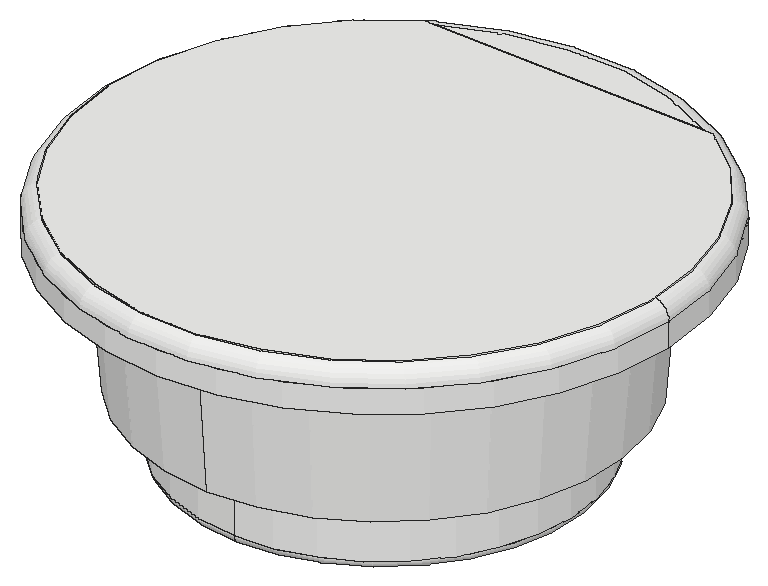
Revit family "Electronics_Commercial-Loudspeakers_Two-Way-Marine-Speaker_CMAR8T-W", category Communication Devices, host Face, Revit 2020
Family settings
  Host = Face
  Maintain Annotation Orientation = No
  Round Connector Dimension = Use Diameter
  Part Type = Normal
  OmniClass Number = 23.85.10.11.14.14.14
  OmniClass Title = Loudspeakers
  Cut with Voids When Loaded = No
  Shared = No
  Room Calculation Point = No
Parameters (values of type "CMAR8T-W")
  Grill Material = Biamp - Plastic - White(Grid)
  Frequency response in Hz = "55 - 20K"  # constant formula
  Woofer size in inch = "8"  # constant formula
  Vertical dispersion angle 1000 Hz = "180°"  # constant formula
  Tweeter size in inch = "1"  # constant formula
  SPL 1W/1m in dB = "88"  # constant formula
  Max SPL 1m in dB = "107"  # constant formula
  Woofer cone material = "Polypropylene"  # constant formula
  Weight = 3.30693 lbf  # constant formula
  URL = "https://www.biamp.com/"
  Product data url = "https://bimobject.com/biamp/product/cmar8t-w_commercial-loudspeakers-ceiling"
  Product Page URL = "https://www.biamp.com/products/product-families/commercial-loudspeakers/ceiling-loudspeakers#cmar8t-w"
  Product Documentation Link = "https://downloads.biamp.com/assets/docs/default-source/data-sheets/biamp_data_sheet_cmar8t-w_aug20.pdf"
  Mounting system = "4 screws"  # constant formula
  Model = "CMAR8T-W"  # constant formula
  Manufacturer = "Biamp"  # constant formula
  Main construction material = "ABS plastic"  # constant formula
  Low impedance dynamic power in watts = "100"  # constant formula
  Low impedance RMS power in watts = "50"  # constant formula
  Loudspeaker system = "2-way"  # constant formula
  Installation grip range in mm = "1 - up"  # constant formula
  Impedance in ohms = "8"  # constant formula
  IP rating = "65"  # constant formula
  Housing Material = Biamp - Plastic - White
  Grille main material = "Stainless steel"  # constant formula
  Diameter = 0' - 8.70079"  # constant formula
  Description = "CMAR8T-W 8 Two-Way Built-in Marine Speaker 8 ohms/100W; 100V/20W"  # constant formula
  Depth = 0' - 2.99213"  # constant formula
  Default Elevation = 4' - 0"
  Cutout in mm = "151"  # constant formula
  Connector Description = "Terminal strip; Low impedance 8 ohms/100W, 100V operation"  # constant formula
  Colour = "White"  # constant formula
  Closest RAL colour (subject to deviations) = "RAL9003"  # constant formula
  Applicable low impedance = "Yes"  # constant formula
  Applicable in 100V = "Yes"  # constant formula
  100V transformer power taps in watts = "20 - 10 - 5 - 2.5"  # constant formula
Reference planes (in)
  plane 1 "Center (Front/Back)": y = 0
  plane 2: z = 0
  plane 3 "Center (Left/Right)": x = 0
Forms (in)
  Extrusion 1, solid, material "Biamp - Plastic - White" <- "Housing Material", detail levels coarse
    sketch origin (0, 0, 0) x (1, 0, 0) y (0, 1, 0)
      loop
        circle (0, 0) r 3.54331
    from -2.95276 to 0
  Extrusion 2, void
    sketch origin (0, 0, 0) x (1, 0, 0) y (0, 1, 0)
      loop
        circle (0, 0) r 3.54331
    from -2.95276 to 0
  Revolve 3, solid, material "Biamp - Plastic - White" <- "Housing Material", detail levels coarse
    sketch origin (0, 0, 0) x (1, 0, 0) y (0, 0, 1)
      loop
        line (0, 0) -> (0, 0.62992) -> (-4.05235, 0.62992)
        arc (-4.05235, 0.62992) -> (-4.25146, 0.54745) -> (-4.33393, 0.34834) r 0.28159
        line (-4.33393, 0.34834) -> (-4.33393, 0) -> (0, 0)
      axis (0, 0) -> (0, 0.62992)
    angle from 0 to 360
  Revolve 4, solid, material "Biamp - Plastic - White" <- "Housing Material", detail levels medium+fine
    sketch origin (0, 0, 0) x (1, 0, 0) y (0, 0, 1)
      loop
        line (0, 0) -> (0, 0.62992) -> (-4.04912, 0.62992)
        arc (-4.04912, 0.62992) -> (-4.24823, 0.54745) -> (-4.33071, 0.34834) r 0.28159
        line (-4.33071, 0.34834) -> (-4.33071, 0) -> (0, 0)
      axis (0, 0) -> (0, 0.62992)
    angle from 0 to 360
  Extrusion 5, void
    sketch origin (0, 0, 0) x (1, 0, 0) y (0, 1, 0)
      loop
        arc (-2.19437, 3.50716) -> (0, -4.13708) -> (2.19437, 3.50716) r 4.13708
        line (2.19437, 3.50716) -> (-2.19437, 3.50716)
    from 0.56493 to 0.62992
  Extrusion 6, solid, material "Biamp - Plastic - White(Grid)" <- "Grill Material", detail levels medium+fine
    sketch origin (0, 0, 0) x (1, 0, 0) y (0, 1, 0)
      loop
        line (2.19437, 3.50716) -> (-2.19437, 3.50716)
        arc (-2.19437, 3.50716) -> (0, -4.13708) -> (2.19437, 3.50716) r 4.13708
    from 0.56493 to 0.62992
  Revolve 7, solid, material "Biamp - Plastic - White" <- "Housing Material", detail levels medium+fine
    sketch origin (0, 0, 0) x (0, 1, 0) y (0, 0, 1)
      loop
        line (0, 0) -> (-3.54331, 0) -> (-3.36803, -2.00338) -> (-2.84982, -2.00338) -> (-2.84982, -2.83847)
        arc (-2.84982, -2.83847) -> (-2.81634, -2.91928) -> (-2.73553, -2.95276) r 0.11428
        line (-2.73553, -2.95276) -> (0, -2.95276) -> (0, 0)
      axis (0, 0) -> (0, -2.95276)
    angle from 0 to 360
  Extrusion 8, void
    sketch origin (0, 0.24606, 0) x (1, 0, 0) y (0, 1, 0)
      loop
        circle (0, -0.93002) r 0.59055
    from -2.98124 to -2.93494
Cuts and joins
  Extrusion 5, Extrusion 8 cuts Extrusion 1
  Extrusion 5, Extrusion 8 cuts Revolve 4
  Extrusion 8 cuts Revolve 3
  Extrusion 8 cuts Extrusion 6
  Extrusion 8 cuts Revolve 7
Lines and regions (in)
  Masking region 1
    outline origin (0, 0, 0) x (1, 0, 0) y (0, 0, 1)
      loop
        line (-3.53888, 0) -> (-3.53888, -2.95276) -> (3.54773, -2.95276) -> (3.54773, 0) -> (-3.53888, 0)
  Masking region 2
    outline origin (0, 0, 0) x (1, 0, 0) y (0, 0, 1)
      loop
        line (-4.33393, 0) -> (4.33326, 0) -> (4.33326, 0.35011)
        arc (4.33326, 0.35011) -> (4.2513, 0.54797) -> (4.05344, 0.62992) r 0.27982
        line (4.05344, 0.62992) -> (-4.05412, 0.62992)
        arc (-4.05412, 0.62992) -> (-4.25198, 0.54797) -> (-4.33393, 0.35011) r 0.27982
        line (-4.33393, 0.35011) -> (-4.33393, 0)
  Masking region 3
    outline origin (0, 0, 0) x (1, 0, 0) y (0, 1, 0)
      loop
        circle (0, 0) r 4.33393
  Masking region 4
    outline origin (0, 0, 0) x (1, 0, 0) y (0, 1, 0)
      loop
        arc (-2.18829, 3.50716) -> (0, -4.13386) -> (2.18829, 3.50716) r 4.13386
        line (2.18829, 3.50716) -> (-2.18829, 3.50716)
Dimensions and locks (in)
  aligned and locked: plane 2 to host face
  aligned and locked: level to host face
Connectors (in)
  electrical at (0, -0.68396, -2.93494), driven by "Connector Description"
    settings: on cut or joined group of Extrusion 1, Extrusion 5, Extrusion 8, index 1, voltage 0 V, apparent load 0 VA, apparent load phase1 0 VA, apparent load phase2 0 VA, apparent load phase3 0 VA, power factor 1, load classification "Other", number of poles 1, system type 5, power factor state 1, is connector primary yes, connector utility no, sub classification motor no, connector description "Terminal strip; Low impedance 8 ohms/100W, 100V operation"
